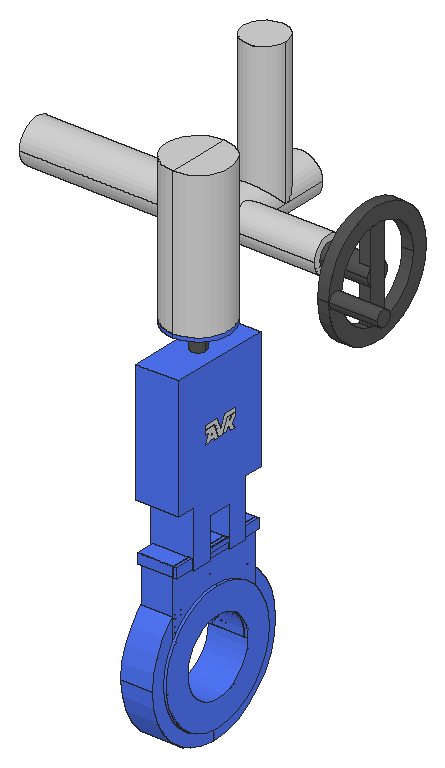
Revit family "702-70-103-DN50-600", category Pipe Accessories, Revit 2019
Family settings
  Round Connector Dimension = Use Diameter
  Part Type = Valve - Breaks Into
  Work Plane-Based = No
  Always vertical = Yes
  Cut with Voids When Loaded = No
  Shared = No
Parameters (values of type "DN 100")
  W6 = W5 / 1.5  # 31.173 mm
  W5 = W4 / 1.2  # 46.759 mm
  W4 = W3 / 1.5  # 56.111 mm
  W3_ref = size_lookup(Search_table, "W3", 0 mm, [Nominal Diameter (DN)])  # 170 mm
  W3 = W2 / 1.2  # 84.167 mm
  W2 = W / 2  # 101 mm
  W = size_lookup(Search_table, "W", 0 mm, [Nominal Diameter (DN)])  # 202 mm
  URL product pages = "https://www.avkvalves.com/P.aspx?no=70205070134"
  Top_flange2 = H1 - H  # 288 mm
  Top_flange = size_lookup(Search_table, "Top_Flange", 0 mm, [Nominal Diameter (DN)])  # 62.5 mm
  Search_table = "702-70-103-DN50-600"
  Neck_Rod = if([Nominal Diameter (DN)] > 399 mm, 40 mm, if([Nominal Diameter (DN)] > 299 mm, 30 mm, if([Nominal Diameter (DN)] > 199 mm, 20 mm, if([Nominal Diameter (DN)] > 39 mm, 10 mm, 10 mm))))  # 10 mm
  Name_Ref = H_Ref * 1.5  # 262.6 mm
  L2 = L * 1.1  # 57.2 mm
  L = size_lookup(Search_table, "L", 0 mm, [Nominal Diameter (DN)])  # 52 mm
  ID = [Nominal Diameter (DN)] / 2  # 50 mm
  Nominal Diameter (DN) = 100 mm
  Ho = size_lookup(Search_table, "Ho", 0 mm, [Nominal Diameter (DN)])  # 582 mm
  HW_Dia = size_lookup(Search_table, "HW_Dia", 0 mm, [Nominal Diameter (DN)])  # 15 mm
  H4_off_ref = ((H4 + H4_off) / 2) / 2  # 70 mm
  H4_off = H4 - 40 mm  # 120 mm
  H4 = size_lookup(Search_table, "H4", 0 mm, [Nominal Diameter (DN)])  # 160 mm
  H1_Ref_2 = size_lookup(Search_table, "H1_Ref_2", 0 mm, [Nominal Diameter (DN)])  # 110 mm
  H1 = size_lookup(Search_table, "H1", 0 mm, [Nominal Diameter (DN)])  # 680 mm
  H = size_lookup(Search_table, "H", 0 mm, [Nominal Diameter (DN)])  # 392 mm
  H_Ref = Body_width * 1.3  # 175.067 mm
  H3 = size_lookup(Search_table, "H3", 0 mm, [Nominal Diameter (DN)])  # 781 mm
  Flange_Thickness = if([Nominal Diameter (DN)] > 399 mm, 20 mm, if([Nominal Diameter (DN)] > 299 mm, 15 mm, if([Nominal Diameter (DN)] > 199 mm, 10 mm, if([Nominal Diameter (DN)] > 39 mm, 5 mm, 5 mm))))  # 5 mm
  Description_ = "AVK KNIFE GATE VALVE"
  DN600_PN10 = "702-600-70-034"
  DN500_PN10 = "702-500-70-034"
  DN450_PN10 = "702-450-70-034"
  DN400_PN10 = "702-400-70-034"
  DN350_PN10 = "702-350-70-034"
  DN300_PN10 = "702-300-70-034"
  DN250_PN10 = "702-250-70-034"
  DN200_PN10 = "702-200-70-034"
  DN150_PN10/16 = "702-150-70-134"
  DN125_PN10/16 = "702-125-70-134"
  DN100_PN10/16 = "702-100-70-134"
  DN080_PN10/16 = "702-080-70-134"
  DN065_PN10/16 = "702-065-70-134"
  DN050_PN10/16 = "702-050-70-134"
  D = size_lookup(Search_table, "D", 0 mm, [Nominal Diameter (DN)])  # 514 mm
  Bonnet_height_2 = H / 2  # 196 mm
  Bonnet_height = H / 1.1  # 356.364 mm
  Body_width = W / 1.5  # 134.667 mm
  B2_Ref = W2 * 1.2  # 121.2 mm
Types (15, lengths in mm): name | W6 | W5 | W4 | W3_ref | W3 | W2 | W | Top_flange2 | Top_flange | Neck_Rod | Name_Ref | L2 | L | ID | Nominal Diameter (DN) | Ho | HW_Dia | H4_off_ref | H4_off | H4 | H1_Ref_2 | H1 | H | H_Ref | H3 | Flange_Thickness | D | Bonnet_height_2 | Bonnet_height | Body_width | B2_Ref
  (no name) | 31.173 | 46.759 | 56.111 | 170 | 84.167 | 101 | 202 | 288 | 62.5 | 10 | 262.6 | 57.2 | 52 | 50 | 100 | 582 | 15 | 70 | 120 | 160 | 110 | 680 | 392 | 175.067 | 781 | 5 | 514 | 196 | 356.364 | 134.667 | 121.2
  DN 050 | 20.216 | 30.324 | 36.389 | 150 | 54.583 | 65.5 | 131 | 288 | 62.5 | 10 | 170.3 | 47.3 | 43 | 25 | 50 | 407 | 10 | 70 | 120 | 160 | 90 | 588 | 300 | 113.533 | 653 | 5 | 514 | 150 | 272.727 | 87.333 | 78.6
  DN 065 | 22.068 | 33.102 | 39.722 | 150 | 59.583 | 71.5 | 143 | 288 | 62.5 | 10 | 185.9 | 50.6 | 46 | 32.5 | 65 | 444 | 10 | 70 | 120 | 160 | 90 | 613 | 325 | 123.933 | 685 | 5 | 514 | 162.5 | 295.455 | 95.333 | 85.8
  DN 080 | 28.395 | 42.593 | 51.111 | 160 | 76.667 | 92 | 184 | 288 | 62.5 | 10 | 239.2 | 50.6 | 46 | 40 | 80 | 499 | 15 | 70 | 120 | 160 | 100 | 645 | 357 | 159.467 | 737 | 5 | 514 | 178.5 | 324.545 | 122.667 | 110.4
  DN 100 | 31.173 | 46.759 | 56.111 | 170 | 84.167 | 101 | 202 | 288 | 62.5 | 10 | 262.6 | 57.2 | 52 | 50 | 100 | 582 | 15 | 70 | 120 | 160 | 110 | 680 | 392 | 175.067 | 781 | 5 | 514 | 196 | 356.364 | 134.667 | 121.2
  DN 125 | 35.494 | 53.241 | 63.889 | 240 | 95.833 | 115 | 230 | 288 | 62.5 | 10 | 299 | 61.6 | 56 | 62.5 | 125 | 618 | 25 | 70 | 120 | 160 | 148 | 716 | 428 | 199.333 | 831 | 5 | 514 | 214 | 389.091 | 153.333 | 138
  DN 150 | 41.667 | 62.5 | 75 | 240 | 112.5 | 135 | 270 | 288 | 62.5 | 10 | 351 | 61.6 | 56 | 75 | 150 | 732 | 25 | 70 | 120 | 160 | 148 | 798 | 510 | 234 | 933 | 5 | 514 | 255 | 463.636 | 180 | 162
  DN 200 | 51.08 | 76.62 | 91.944 | 240 | 137.917 | 165.5 | 331 | 288 | 62.5 | 20 | 430.3 | 66 | 60 | 100 | 200 | 882 | 25 | 90 | 160 | 200 | 158 | 898 | 610 | 286.867 | 1063 | 10 | 514 | 305 | 554.545 | 220.667 | 198.6
  DN 250 | 61.265 | 91.898 | 110.278 | 240 | 165.417 | 198.5 | 397 | 290 | 87.5 | 20 | 516.1 | 74.8 | 68 | 125 | 250 | 1044 | 30 | 147.5 | 275 | 315 | 165 | 1006 | 716 | 344.067 | 1204 | 10 | 537 | 358 | 650.909 | 264.667 | 238.2
  DN 300 | 69.753 | 104.63 | 125.556 | 285 | 188.333 | 226 | 452 | 290 | 87.5 | 30 | 587.6 | 85.8 | 78 | 150 | 300 | 1219 | 30 | 147.5 | 275 | 315 | 190 | 1124 | 834 | 391.733 | 1350 | 15 | 537 | 417 | 758.182 | 301.333 | 271.2
  DN 350 | 79.938 | 119.907 | 143.889 | 285 | 215.833 | 259 | 518 | 290 | 110 | 30 | 673.4 | 85.8 | 78 | 175 | 350 | 1362 | 30 | 190 | 360 | 400 | 191 | 1217 | 927 | 448.933 | 1476 | 15 | 537 | 463.5 | 842.727 | 345.333 | 310.8
  DN 400 | 88.889 | 133.333 | 160 | 300 | 240 | 288 | 576 | 290 | 110 | 40 | 748.8 | 99 | 90 | 200 | 400 | 1510 | 35 | 190 | 360 | 400 | 205 | 1325 | 1035 | 499.2 | 1613 | 20 | 537 | 517.5 | 940.909 | 384 | 345.6
  DN 450 | 95.37 | 143.056 | 171.667 | 320 | 257.5 | 309 | 618 | 399 | 120 | 40 | 803.4 | 99 | 90 | 225 | 450 | 1717 | 35 | 215 | 410 | 450 | 220 | 1566 | 1167 | 535.6 | 1879 | 20 | 728 | 583.5 | 1060.909 | 412 | 370.8
  DN 500 | 107.716 | 161.574 | 193.889 | 350 | 290.833 | 349 | 698 | 399 | 120 | 40 | 907.4 | 104.5 | 95 | 250 | 500 | 1826 | 35 | 215 | 410 | 450 | 245 | 1610 | 1211 | 604.933 | 1959 | 20 | 728 | 605.5 | 1100.909 | 465.333 | 418.8
  DN 600 | 126.08 | 189.12 | 226.944 | 410 | 340.417 | 408.5 | 817 | 399 | 120 | 40 | 1062.1 | 115.5 | 105 | 300 | 600 | 2115 | 35 | 215 | 410 | 450 | 285 | 1799 | 1400 | 708.067 | 2207 | 20 | 728 | 700 | 1272.727 | 544.667 | 490.2
Reference planes
  plane 1 "Center (Front/Back)": y = 0
  plane 2: z = 0
  plane 3 "Center (Left/Right)": x = 0
  plane 4: x = -26
  plane 5: x = 26
  plane 6: y = 42.083
  plane 7: y = -42.083
  plane 8: x = -28.6
  plane 9: x = 28.6
  plane 10: z = 134.667
  plane 11: z = 129.667
  plane 12: x = -18
  plane 13: x = 18
  plane 14: z = 392
  plane 15: y = 15.843
  plane 16: y = -15.843
  plane 17: z = 175.067
  plane 18: z = 196
  plane 19: y = 42.083
  plane 20: y = -42.083
  plane 21: x = -28.6
  plane 22: x = 28.6
  plane 23: z = 392
  plane 24: z = 680
  plane 25: z = -101
  plane 26: z = 101
  plane 27: y = -101
  plane 28: y = 101
  plane 29: z = 680
  plane 30: z = 488
  plane 31: z = 584
  plane 32: y = 170
  plane 33: y = 110
  plane 34: y = 55
  plane 35: x = -257
  plane 36: x = 257
  plane 37: x = 128.5
  plane 38: x = 192.75
  plane 39: y = 240.042
  plane 40: y = -15
  plane 41: y = -21.042
Forms (mm)
  Extrusion 1, solid, material "Plastic"
    sketch origin (0, 0, 0) x (0, 1, 0) y (0, 0, 1)
      loop
        circle (0, 0) r 101
      loop
        circle (0, 0) r 50
    from -26 to 26
  Revolve 2, void
    sketch origin (0, 0, 0) x (1, 0, 0) y (0, 0, 1)
      loop
        line (26, 101) -> (21, 101) -> (21, 84.167) -> (26, 84.167) -> (26, 101)
      loop
        line (-26, 101) -> (-26, 84.167) -> (-21, 84.167) -> (-21, 101) -> (-26, 101)
      axis (-26, 0) -> (26, 0)
    angle from 0 to 360
  Extrusion 3, solid, material "Plastic"
    sketch origin (0, 0, 0) x (0, 1, 0) y (0, 0, 1)
      loop
        line (67.333, 0) -> (67.333, 134.667) -> (-67.333, 134.667) -> (-67.333, 0) -> (67.333, 0)
    from -21 to 21
  Extrusion 4, solid, material "Plastic"
    sketch origin (0, 0, 0) x (1, 0, 0) y (0, 0, 1)
      loop
        line (28.6, 134.667) -> (-28.6, 134.667) -> (-28.6, 129.667) -> (28.6, 129.667) -> (28.6, 134.667)
    from -42.083 to 42.083
  Extrusion 5, solid, material "Plastic"
    sketch origin (0, 0, 0) x (1, 0, 0) y (0, 0, 1)
      loop
        line (-26, 134.667) -> (-26, 121.2) -> (26, 121.2) -> (26, 134.667) -> (-26, 134.667)
    from -67.333 to 67.333
  Extrusion 6, solid, material "Plastic"
    sketch origin (0, 0, 0) x (0, 1, 0) y (0, 0, 1)
      loop
        line (42.083, 121.2) -> (42.083, 196) -> (67.333, 196) -> (67.333, 356.364) -> (-67.333, 356.364) -> (-67.333, 196) -> (-42.083, 196) -> (-42.083, 121.2) -> (-15.843, 121.2) -> (-15.843, 175.067) -> (15.843, 175.067) -> (15.843, 121.2) -> (42.083, 121.2)
    from -28.6 to 28.6
  Revolve 7, solid, material "Steel"
    sketch origin (0, 0, 0) x (1, 0, 0) y (0, 0, 1)
      loop
        line (0, 392) -> (0, 356.364) -> (10, 356.364) -> (10, 392) -> (0, 392)
      axis (0, 356.364) -> (0, 392)
    angle from 0 to 360
  Extrusion 8, void
    sketch origin (0, 0, 0) x (0, 1, 0) y (0, 0, 1)
      loop
        circle (0, 0) r 50
    from -26 to 26
  Revolve 9, solid, material "Plastic"
    sketch origin (0, 0, 0) x (0, 1, 0) y (0, 0, 1)
      loop
        line (0, 392) -> (-42.083, 392) -> (-42.083, 387) -> (-21.042, 387) -> (-21.042, 382) -> (0, 382) -> (0, 392)
      axis (0, 392) -> (0, 382)
    angle from 0 to 360
  Revolve 10, solid, material "Stainless Steel AISI 304"
    sketch origin (0, 0, 0) x (0, 1, 0) y (0, 0, 1)
      loop
        line (0, 392) -> (0, 584) -> (-42.083, 584) -> (-42.083, 392) -> (0, 392)
      axis (0, 392) -> (0, 584)
    angle from 0 to 360
  Extrusion 11, solid, material "Stainless Steel AISI 304"
    sketch origin (0, 0, 0) x (1, 0, 0) y (0, 0, 1)
      loop
        circle (0, 488) r 28.056
    from 0 to -170
  Extrusion 12, solid, material "Stainless Steel AISI 304"
    sketch origin (0, 0, 0) x (1, 0, 0) y (0, 1, 0)
      loop
        circle (0, 110) r 28.056
    from 488 to 680
  Extrusion 13, solid, material "Stainless Steel AISI 304"
    sketch origin (0, 0, 0) x (0, 1, 0) y (0, 0, 1)
      loop
        circle (55, 488) r 28.056
    from -257 to 0
  Extrusion 14, solid, material "Stainless Steel AISI 304"
    sketch origin (0, 0, 0) x (0, 1, 0) y (0, 0, 1)
      loop
        circle (55, 488) r 23.38
    from 0 to 128.5
  Extrusion 15, solid, material "Steel"
    sketch origin (0, 0, 0) x (0, 1, 0) y (0, 0, 1)
      loop
        circle (55, 488) r 80
      loop
        circle (55, 488) r 60
    from 192.75 to 177.75
  Extrusion 16, solid, material "Steel"
    sketch origin (0, 0, 0) x (0, 1, 0) y (0, 0, 1)
      loop
        line (65.042, 548) -> (44.958, 548) -> (44.958, 428) -> (65.042, 428) -> (65.042, 548)
    from 177.75 to 192.75
  Extrusion 17, solid, material "Steel"
    sketch origin (0, 0, 0) x (0, 1, 0) y (0, 0, 1)
      loop
        circle (55, 488) r 15.586
    from 0 to 192.75
  Extrusion 18, solid, material "Steel"
    sketch origin (0, 0, 0) x (0, 1, 0) y (0, 0, 1)
      loop
        circle (-15, 488) r 10
    from 192.75 to 257
Cuts and joins
  Revolve 2, Extrusion 8 cuts Extrusion 1
  Extrusion 8 cuts Extrusion 3
Dimensions and locks
  equal spacing: plane 4, plane 3 "Center (Left/Right)", plane 5
  "L": plane 4 to plane 5
  "W2": Revolve 2 sketch curve to level
  "Flange_Thickness": Revolve 2 sketch curve to Extrusion 1
  "Flange_Thickness": Extrusion 1 to Revolve 2 sketch curve
  "W3": Revolve 2 sketch curve to level
  equal spacing: Extrusion 3 sketch curve, plane 1 "Center (Front/Back)", Extrusion 3 sketch curve
  "Body_width": Extrusion 3 sketch curve to Extrusion 3 sketch curve  (x2)
  level to Extrusion 3 = 134.667 mm
  equal spacing: plane 6, plane 1 "Center (Front/Back)", plane 7
  "W3": plane 6 to plane 7
  equal spacing: plane 8, plane 3 "Center (Left/Right)", plane 9
  "L2": plane 8 to plane 9
  "Flange_Thickness": plane 10 to plane 11
  "Body_width": plane 10 to level
  "B2_Ref": Extrusion 5 sketch curve to level
  "H": plane 14 to level
  equal spacing: plane 15, plane 1 "Center (Front/Back)", plane 16
  "Bonnet_height_2": level to plane 18
  "Bonnet_height": Extrusion 6 sketch curve to level
  equal spacing: plane 21, plane 3 "Center (Left/Right)", plane 22
  "L2": plane 21 to plane 22
  "H_Ref": level to plane 17
  "H": plane 23 to level
  "Neck_Rod": Revolve 7 sketch curve to Revolve 7 sketch curve
  "Name_Ref": level to nested 1
  cut or joined group of Extrusion 1, Revolve 2, Extrusion 8 to cut or joined group of Extrusion 1, Revolve 2, Extrusion 8 = 52 mm
  equal spacing: plane 26, level, plane 25
  "W": plane 26 to plane 25
  "H3": plane 24 to plane 25
  equal spacing: plane 28, plane 1 "Center (Front/Back)", plane 27
  "W": plane 28 to plane 27
  "Flange_Thickness": Revolve 9 sketch curve to Revolve 9 sketch curve  (x2)
  "H1": plane 29 to level
  equal spacing: plane 29, plane 31, plane 30, plane 23
  "W3_ref": plane 32 to plane 1 "Center (Front/Back)"
  "H1_Ref_2": plane 33 to plane 1 "Center (Front/Back)"
  "H1_Ref_2": plane 1 "Center (Front/Back)" to Extrusion 12 sketch curve
  equal spacing: plane 21, Extrusion 12 sketch curve, plane 22
  equal spacing: plane 33, plane 34, plane 1 "Center (Front/Back)"
  equal spacing: plane 33, Extrusion 13 sketch curve, plane 1 "Center (Front/Back)"
  equal spacing: plane 35, plane 3 "Center (Left/Right)", plane 36
  "D": plane 35 to plane 36
  equal spacing: plane 31, Extrusion 14 sketch curve, plane 23
  equal spacing: plane 36, plane 37, plane 3 "Center (Left/Right)"
  equal spacing: plane 37, plane 38, plane 36
  equal spacing: plane 33, Extrusion 15 sketch curve, plane 1 "Center (Front/Back)"
  equal spacing: plane 31, Extrusion 15 sketch curve, plane 23
  "HW_Dia": Extrusion 15 to plane 38
  equal spacing: Extrusion 16 sketch curve, plane 34, Extrusion 16 sketch curve
  locked: Extrusion 16 sketch curve to Extrusion 16 sketch curve at 20.083
  equal spacing: Extrusion 16 sketch curve, plane 30, Extrusion 16 sketch curve
  "H4_off": Extrusion 16 sketch curve to Extrusion 16 sketch curve
  equal spacing: plane 33, Extrusion 17 sketch curve, plane 1 "Center (Front/Back)"
  equal spacing: plane 31, Extrusion 17 sketch curve, plane 23
  "H4_off_ref": plane 34 to plane 40
  "H4_off_ref": plane 34 to Extrusion 18 sketch curve
  equal spacing: plane 31, Extrusion 18 sketch curve, plane 23
  equal spacing: plane 1 "Center (Front/Back)", plane 41, plane 7
  "W": diameter of Extrusion 1 sketch curve
  "Nominal Diameter (DN)": diameter of Extrusion 1 sketch curve
  "W4": diameter of Extrusion 12 sketch curve
  "W4": diameter of Extrusion 11 sketch curve
  "W4": diameter of Extrusion 13 sketch curve
  "W5": diameter of Extrusion 14 sketch curve
  "H4": diameter of Extrusion 15 sketch curve
  "H4_off": diameter of Extrusion 15 sketch curve
  "W6": diameter of Extrusion 17 sketch curve
  radius of Extrusion 18 sketch curve = 10 mm
  aligned and locked: level to plane 2
  aligned and locked: Extrusion 1 to plane 5
  aligned and locked: plane 4 to Extrusion 1
  aligned and locked: Extrusion 1 to Revolve 2 sketch curve
  aligned and locked: Revolve 2 sketch curve to Revolve 2 sketch curve  (x2)
  aligned and locked: Revolve 2 sketch curve to plane 2
  aligned and locked: Extrusion 3 sketch curve to level
  aligned and locked: plane 6 to Extrusion 4
  aligned and locked: Extrusion 4 to plane 7
  aligned and locked: plane 11 to Extrusion 4 sketch curve  (x2)
  aligned and locked: plane 10 to Extrusion 4 sketch curve  (x2)
  aligned and locked: Extrusion 5 sketch curve to plane 4
  aligned and locked: plane 5 to Extrusion 5 sketch curve
  aligned and locked: Extrusion 5 sketch curve to Extrusion 4
  aligned and locked: Extrusion 5 to Extrusion 3
  aligned and locked: Extrusion 3 to Extrusion 5
  aligned and locked: plane 8 to Extrusion 4 sketch curve
  aligned and locked: Extrusion 4 sketch curve to plane 9
  aligned and locked: Extrusion 3 to cut or joined group of Extrusion 1, Revolve 2, Extrusion 8  (x2)
  aligned and locked: Extrusion 6 sketch curve to plane 6
  aligned and locked: Extrusion 6 sketch curve to plane 7
  aligned and locked: Extrusion 5 to Extrusion 6 sketch curve
  aligned and locked: Extrusion 6 sketch curve to Extrusion 5
  aligned and locked: plane 15 to Extrusion 6 sketch curve
  aligned and locked: plane 19 to Extrusion 6 sketch curve
  aligned and locked: plane 16 to Extrusion 6 sketch curve
  aligned and locked: plane 20 to Extrusion 6 sketch curve
  aligned and locked: plane 17 to Extrusion 6 sketch curve  (x2)
  aligned and locked: Extrusion 6 sketch curve to plane 15
  aligned and locked: Extrusion 6 sketch curve to plane 16
  aligned and locked: plane 7 to plane 20
  aligned and locked: plane 6 to plane 19
  aligned and locked: Extrusion 3 to Extrusion 6 sketch curve  (x2)
  aligned and locked: Extrusion 6 to Extrusion 4  (x2)
  aligned and locked: Extrusion 6 to Revolve 7 sketch curve
  aligned and locked: plane 3 "Center (Left/Right)" to Revolve 7 sketch curve
  aligned and locked: Revolve 7 sketch curve to plane 23
  aligned and locked: Extrusion 8 sketch curve to cut or joined group of Extrusion 1, Revolve 2, Extrusion 8  (x2)
  aligned and locked: Extrusion 1 to Extrusion 8  (x2)
  aligned and locked: plane 1 "Center (Front/Back)" to Revolve 9 sketch curve  (x2)
  aligned and locked: plane 7 to Revolve 9 sketch curve
  aligned and locked: Revolve 9 sketch curve to plane 23
  aligned and locked: plane 23 to Revolve 10 sketch curve
  aligned and locked: plane 7 to Revolve 10 sketch curve
  aligned and locked: plane 1 "Center (Front/Back)" to Revolve 10 sketch curve
  aligned and locked: Revolve 10 sketch curve to Revolve 10 sketch curve
  aligned and locked: Extrusion 11 to plane 32
  aligned and locked: plane 1 "Center (Front/Back)" to Extrusion 11
  aligned and locked: plane 31 to Revolve 10 sketch curve
  aligned and locked: Extrusion 12 to plane 30
  aligned and locked: plane 24 to Extrusion 12
  aligned and locked: plane 35 to Extrusion 13
  aligned and locked: plane 3 "Center (Left/Right)" to Extrusion 13
  aligned and locked: Extrusion 14 to plane 3 "Center (Left/Right)"
  aligned and locked: Extrusion 14 to plane 37
  aligned and locked: plane 38 to Extrusion 15
  aligned and locked: Extrusion 15 to Extrusion 16
  aligned and locked: Extrusion 16 to plane 38
  aligned and locked: Extrusion 15 to Extrusion 17
  aligned and locked: plane 38 to Extrusion 18
  aligned and locked: Extrusion 18 to plane 36
  aligned and locked: plane 41 to Revolve 9 sketch curve
Automatic sketch dimensions
  Revolve 10 sketch curve to Revolve 10 sketch curve = 30 mm  (x2)
  Extrusion 1 sketch curve to Extrusion 1 sketch curve = 0 mm  (x2)
  Extrusion 1 sketch curve to level = 0 mm
  Extrusion 1 sketch curve to plane 1 "Center (Front/Back)" = 0 mm
  Revolve 2 sketch curve to plane 4 = 0 mm
  Revolve 2 sketch curve to plane 4 = 2.3 mm
  plane 5 to Revolve 2 sketch curve = 8 mm
  Extrusion 6 sketch curve to plane 18 = 0 mm
  plane 18 to Extrusion 6 sketch curve = 0 mm
  Revolve 7 sketch curve to plane 3 "Center (Left/Right)" = 0 mm
  plane 26 to Revolve 7 sketch curve = 2.531 mm
  Revolve 7 sketch curve to plane 24 = 0.217 mm
  Revolve 9 sketch curve to Revolve 9 sketch curve = 5.038 mm
  Revolve 9 sketch curve to Revolve 9 sketch curve = 7.902 mm
  Extrusion 11 sketch curve to plane 3 "Center (Left/Right)" = 0 mm
  Extrusion 11 sketch curve to plane 30 = 0 mm
  Extrusion 13 sketch curve to plane 30 = 0 mm
  Extrusion 14 sketch curve to plane 34 = 0 mm
  Extrusion 15 sketch curve to Extrusion 15 sketch curve = 0 mm  (x2)
Nested families
  nested 1: "LOGO LV Final.0001" at (28.6, 0, 251.233) x (0, 1, 0) z (1, 0, 0), type "LOGO LV Final.0001"
Connectors
  piping at (26, 0, 0), diameter 100, driven by "Nominal Diameter (DN)"
    settings: on Extrusion 1, index 1, connector inside diameter 609.6 mm, connector length 0 mm, flow factor 0, pipe flow 0.0 L/s, pressure drop 0.0 Pa, fitting loss kfactor 0, connector angle 0.00°, fixture units 0, engagement length 0 mm, angle of deflection 0.00°, flow configuration 0, flow direction 0, fitting loss method 0, system type 7, joint type 0, gender type 0, connector reference index -1, connector utility 0, adjustable connector no, is connector primary yes, connector description ""
  piping at (-26, 0, 0), diameter 100, driven by "Nominal Diameter (DN)"
    settings: on Extrusion 1, index 2, connector inside diameter 609.6 mm, connector length 0 mm, flow factor 0, pipe flow 0.0 L/s, pressure drop 0.0 Pa, fitting loss kfactor 0, connector angle 0.00°, fixture units 0, engagement length 0 mm, angle of deflection 0.00°, flow configuration 0, flow direction 0, fitting loss method 0, system type 7, joint type 0, gender type 0, connector reference index -1, connector utility 0, adjustable connector no, is connector primary no, connector description ""
Definition of nested family "LOGO LV Final.0001"
  Parameters (values of type "LOGO LV Final.0001")
    Default Elevation = 1219.2 mm
  Reference planes
    plane 1 "Center (Front/Back)": y = 0
    plane 2: z = 0
    plane 3 "Center (Left/Right)": x = 0
  Forms (mm)
    Extrusion 1, solid
      sketch origin (0, 0, 0) x (1, 0, 0) y (0, 1, 0)
        loop
          line (-1219.2, 1219.2) -> (-1219.2, -1219.2) -> (1219.2, -1219.2) -> (1219.2, 1219.2) -> (-1219.2, 1219.2)
      from 0 to -304.8
    Extrusion 2, solid
      sketch origin (0, 0, 0) x (1, 0, 0) y (0, 1, 0)
        loop
          line (-6.514, 34.224) -> (-24, 34.224) -> (-24, 29.481) -> (-9.766, 29.481) -> (-2.391, 11.367) -> (2.391, 11.367) -> (9.766, 29.481) -> (24, 29.481) -> (24, 34.224) -> (6.514, 34.224) -> (0, 18.224) -> (-6.514, 34.224)
        loop
          line (-10.996, 27.653) -> (-24, 27.653) -> (-24, 23.081) -> (-19.503, 23.081) -> (-24, 11.367) -> (-18.92, 11.367) -> (-17.955, 13.881) -> (-10.51, 13.881) -> (-9.486, 11.367) -> (-4.365, 11.367) -> (-10.996, 27.653)
        loop
          line (-16.777, 18.224) -> (-12.278, 18.224) -> (-14.594, 23.912) -> (-16.777, 18.224)
        loop
          line (4.365, 11.367) -> (9.486, 11.367) -> (12.093, 17.77) -> (16.918, 11.367) -> (22.857, 11.367) -> (17.399, 18.61)
          arc (17.399, 18.61) -> (20.583, 20.18) -> (22.629, 23.081) r 7.2
          line (22.629, 23.081) -> (24, 23.081) -> (24, 27.653) -> (19.429, 27.653)
          arc (19.429, 27.653) -> (17.763, 23.526) -> (13.699, 21.714) r 5.943
          line (13.699, 21.714) -> (16.117, 27.653) -> (10.996, 27.653) -> (4.365, 11.367)
      from 0 to 1
  Dimensions and locks
    aligned and locked: plane 2 to Extrusion 1
    aligned and locked: level to Extrusion 1
    aligned and locked: Extrusion 2 sketch curve to import instance
